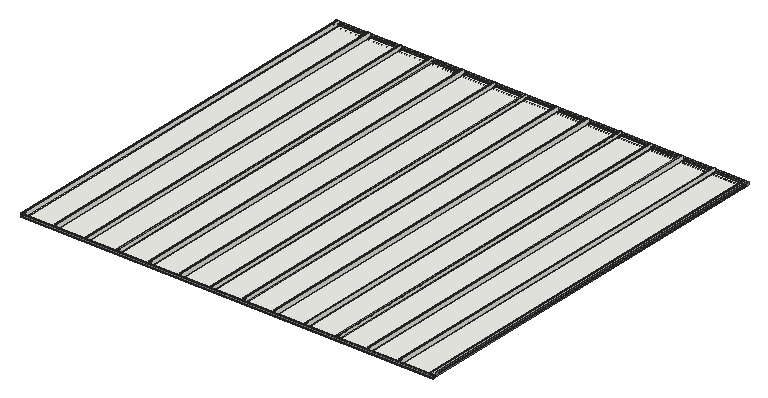
Revit family "FalsoTecho_THU_Lama-Venezia autoportante", category Modelos genéricos, Revit 2016
Family settings
  Tipo de pieza = Normal
  Puede alojar armadura = No
  Cota de conector redondo = Diámetro de uso
  Número OmniClass = 23.35.70.24.11.17.14.11
  Título OmniClass = Metal Linear Ceilings
  Se basa en plano de trabajo = Sí
  Siempre vertical = No
  Corte con vacíos al cargar = Sí
  Compartido = No
  Punto de cálculo de habitación = No
Parameters (values of type "Acero_Liso_200x28mm")
  Tirantes_Separación real [instance] = (Rastrel_Longitud - (Tirante inicial_Distancia a extremo * 2)) / (Tirantes_Recuento - 1)  # 704.233 mm
  Tirantes_Recuento [instance] = (Rastrel_Longitud - (Tirante inicial_Distancia a extremo * 2)) / Tirantes_Separación aproximada + 2  # 4
  Tirantes_Separación aproximada [instance] = 1000 mm  # constant formula
  Tirante_Longitud [instance] = THU_Falso techo_Plenum altura  # 250 mm
  Tirante inicial_Distancia a extremo [instance] = if(Rastrel_Longitud < 1500 mm, 25 mm, 250 mm)  # 250 mm
  THU_Velo = yes
  THU_Subestructura_Material [instance] = "Acero galvanizado"
  THU_Subestructura_Color = THU_Acero galvanizado
  THU_Reacción al fuego = "A2-s1, d0"
  THU_Rastrel [instance] = if(Perfil T24, T24, if(Perfil T35, T35, if(Perfil DP100, DP100, T24)))  # Perfil_THU_T24 : Perfil T24-Primario
  THU_Lama_Material = "Acero"
  THU_Lama_Color [instance] = THU_Blanco-RAL9010
  THU_Lama = Lama_THU_Venezia : Acero_Liso_200x28mm
  THU_Falso techo_Área [instance] = THU_Falso techo_Longitud * THU_Falso techo_Anchura  # 6.25 m²
  THU_Falso techo_Plenum altura [instance] = 250 mm
  THU_Falso techo_Longitud [instance] = 2500 mm
  THU_Falso techo_Anchura [instance] = 2500 mm
  THU_Falso techo_Altura libre [instance] = 2500 mm
  THU_Acabado = Acabado_THU_Lama-Venezia : Liso
  T35 [instance] = Perfil_THU_T35 : Perfil T35-Primario
  T24 [instance] = Perfil_THU_T24 : Perfil T24-Primario
  Solape vertical_Lama y rastrel = 28 mm  # constant formula
  Rastreles_Separación [instance] = (THU_Falso techo_Longitud) / Rastreles_Recuento  # 1250 mm
  Rastreles_Recuento (ml) [instance] = Rastrel_Longitud * Rastreles_Recuento  # 5225.4 mm
  Rastreles_Recuento [instance] = if(THU_Falso techo_Longitud / 2500 mm < 2, 2, (THU_Falso techo_Longitud) / 2050 mm)  # 2
  Rastrel_Simple [instance] = if(THU_Falso techo_Longitud < 2501 mm, 1 > 2, if(THU_Falso techo_Longitud / 2500 mm < 2, 1 < 2, 1 > 2))  # no
  Rastrel_Multiple [instance] = if(THU_Falso techo_Longitud < 2501 mm, 1 > 2, not(Rastrel_Simple))  # no
  Rastrel_Longitud [instance] = (Lamas_Recuento * Lama_Anchura) + (Lamas_Separación * (Lamas_Recuento - 1)) + 12.7 mm  # 2612.7 mm
  Rastrel_Desfase inicial [instance] = Rastreles_Separación / 2  # 625 mm
  Rastrel_Anchura = 30 mm  # constant formula
  Rastrel_Altura = 36 mm  # constant formula
  RC [instance] = not(A_L24x24)  # yes
  Página web del producto = "http://thu.es/producto/lama-venezia/"
  Página web del fabricante = "http://thu.es/"
  Perfiles perimetrales_Desfase altura = 1 mm  # constant formula
  Perfil perimetral_RC [instance] = Perfiles perimetrales_THU : RC
  Perfil perimetral_L24x24 [instance] = Perfiles perimetrales_THU : (A)_L24x24
  Perfil perimetral_Anchura [instance] = if(A_L24x24, 24 mm, if(RC, 28 mm, 24 mm))  # 28 mm
  Perfil perimetral trans_Longitud [instance] = Rastrel_Longitud + (Perfiles perimetrales_Distancia a bandeja * 2)  # 2632.7 mm
  Perfil perimetral long_Longitud [instance] = Lama_Longitud - Perfil perimetral_Anchura  # 2472 mm
  Perfil perimetral 04 [instance] = yes
  Perfil perimetral 03 [instance] = yes
  Perfil perimetral 02 [instance] = yes
  Perfiles perimetrales_Distancia a bandeja [instance] = if(A_L24x24, 2 mm, 10 mm)  # 10 mm
  Perfil perimetral 01 [instance] = yes
  Perfil perimetral [instance] = if(A_L24x24, Perfil perimetral_L24x24, if(RC, Perfil perimetral_RC, Perfil perimetral_L24x24))  # Perfiles perimetrales_THU : RC
  Perfil T35 [instance] = no
  Perfil T24 [instance] = yes
  Perfil DP100 [instance] = no
  País de fabricación = "España"
  País de diseño = "España"
  Omniclass = "23.35.70.24.11.17.14.11"
  Número de edición (versión) = 1
  Nombre del objeto = "Lama Venezia autoportante"
  NBS Reference Description = "Board suspended ceiling system"
  NBS Reference = "20-10-10/110"
  Marca = "THU"
  Manual de montaje = "http://thu.es/wp-content/uploads/manuals/MM-Techos-Lamas-Venezia.pdf"
  Lamas_Recuento (ml) [instance] = Lama_Longitud * Lamas_Recuento  # 32500 mm
  Lamas_Recuento [instance] = THU_Falso techo_Anchura / (Lama_Anchura + Lamas_Separación)  # 13
  Lamas_Separación [instance] = 0 mm  # constant formula
  Lama_Longitud [instance] = THU_Falso techo_Longitud  # 2500 mm
  Lama_Anchura = 200 mm
  Lama_Altura = 28 mm  # constant formula
  IFC Classification = "Ceiling"
  Grupo del producto = "Lamas"
  Ficha técnica = "http://thu.es/wp-content/uploads/datasheets/ft-lamas-venezia-thu.pdf"
  Ficha resumen = "http://thu.es/wp-content/uploads/datasheets/THU_Techos_metalicos_Lama_Venezia.pdf"
  Fecha de publicación del objeto BIM = ""
  Famila del producto = "Techos metálicos"
  Falso techo_Grosor = Lama_Altura + Rastrel_Altura  # 64 mm
  Fabricante = "THU Perfil S.L."
  Default Elevation = 0 mm
  Descripción = "Falso techo metálico formado por lamas de aluminio prelacado de ancho 200 ó 300 mm, insertadas en pestañas de rastreles de paso de troquelado 200 (Venezia 200) ó 100 (Venezia 300) y colgadas del forjado superior mediante un sistema de varillas roscadas. La fijación de las lamas al rastrel se realiza mediante pestañas que se abren y cierran manualmente. De forma complementaria se utilizan clips de plástico para la fijación de las lamas entre si. La gama de acabados queda reducida a lamas prelacadas lisas; pudiendo estar perforada la lama tipo Venezia 300. El patrón del perforado de esta lama es el de 2,5 en U, de manera que la lama queda perforada aproximadamente en un 12,75%, dejando en su superficie vista márgenes de 10 mm sin perforar."
  Declaración de prestaciones = "http://thu.es/wp-content/uploads/declarations/dp_lamas_venezia.pdf"
  DP100 [instance] = Perfil_THU_DP(100) : Perfil DP100-Primario
  Comentarios de tipo = "Lamas Venezia para techo suspendido, para ser montadas en interior de edificios con con rastreles Venezia."
  COBie Type Category = "L387 : Suspended ceilings"
  A_L24x24 [instance] = no
Types (6, lengths in mm): name | Tirantes_Separación real | THU_Velo | THU_Subestructura_Material | THU_Lama_Material | THU_Lama | THU_Acabado | Rastreles_Recuento (ml) | Rastrel_Longitud | RC | Perfil perimetral_Anchura | Perfil perimetral trans_Longitud | Perfil perimetral long_Longitud | Perfiles perimetrales_Distancia a bandeja | Perfil perimetral | Lamas_Recuento (ml) | Lamas_Recuento | Lama_Anchura | A_L24x24
  Acero_Liso_200x28mm | 704.233 | yes | "Acero galvanizado" | "Acero" | Lama_THU_Venezia : Acero_Liso_200x28mm | Acabado_THU_Lama-Venezia : Liso | 5225.4 | 2612.7 | yes | 28 | 2632.7 | 2472 | 10 | Perfiles perimetrales_THU : RC | 32500 | 13 | 200 | no
  Acero_Liso_300x28mm | 637.567 | no | "Acero galvanizado" | "Acero" | Lama_THU_Venezia : Acero_Liso_300x28mm | Acabado_THU_Lama-Venezia : Liso | 4825.4 | 2412.7 | no | 24 | 2416.7 | 2476 | 2 | Perfiles perimetrales_THU : (A)_L24x24 | 20000 | 8 | 300 | yes
  Acero_Perforado-c/Velo_300x28mm | 637.567 | yes | "Acero galvanizado" | "Acero" | Lama_THU_Venezia : Acero_Perforado-c/Velo_300x28mm | Acabado_THU_Lama-Venezia : Perforado_Ø2.5mm (U) | 4825.4 | 2412.7 | no | 24 | 2416.7 | 2476 | 2 | Perfiles perimetrales_THU : (A)_L24x24 | 20000 | 8 | 300 | yes
  Acero_Perforado-s/Velo_300x28mm | 637.567 | no | "Aceo galvanizado" | "Acero" | Lama_THU_Venezia : Acero_Perforado-s/Velo_300x28mm | Acabado_THU_Lama-Venezia : Perforado_Ø2.5mm (U) | 4825.4 | 2412.7 | no | 24 | 2416.7 | 2476 | 2 | Perfiles perimetrales_THU : (A)_L24x24 | 20000 | 8 | 300 | yes
  Aluminio_Liso_200x28mm | 704.233 | no | "Aceo galvanizado" | "Aluminio" | Lama_THU_Venezia : Aluminio_Liso_200x28 | Acabado_THU_Lama-Venezia : Liso | 5225.4 | 2612.7 | no | 24 | 2616.7 | 2476 | 2 | Perfiles perimetrales_THU : (A)_L24x24 | 32500 | 13 | 200 | yes
  Aluminio_Liso_300x28mm | 637.567 | no | "Aceo galvanizado" | "Aluminio" | Lama_THU_Venezia : Aluminio_Liso_300x28 | Acabado_THU_Lama-Venezia : Liso | 4825.4 | 2412.7 | no | 24 | 2416.7 | 2476 | 2 | Perfiles perimetrales_THU : (A)_L24x24 | 20000 | 8 | 300 | yes
Reference planes
  plane 1 "Centro (Frontal/Posterior)": y = 0
  plane 2: z = 0
  plane 3 "Centro (Izquierda/Derecha)": x = 0
  plane 4 "Lamas_Límite inferior": z = 2500
  plane 5 "Rastreles_Límite inferior": z = 2500
  plane 6 "Rastreles_Límite superior": z = 2536
  plane 7 "Lamas_Límite superior": z = 2528
  plane 8 "Falso techo_Límite derecho": x = 2500
  plane 9 "Falso techo_Límite superior": y = 2500
  plane 10 "Tirantes_Límite superior": z = 2786
  plane 11: y = -625
  plane 12 "Perfiles perimetrales_Límite inferior": z = 2499
Dimensions and locks
  "Rastrel_Altura": plane 6 "Rastreles_Límite superior" to plane 5 "Rastreles_Límite inferior"
  "THU_Falso techo_Altura libre": level to plane 4 "Lamas_Límite inferior"
  "Lama_Altura": plane 7 "Lamas_Límite superior" to plane 4 "Lamas_Límite inferior"
  "Solape vertical_Lama y rastrel": plane 7 "Lamas_Límite superior" to plane 5 "Rastreles_Límite inferior"
  "THU_Falso techo_Longitud": plane 1 "Centro (Frontal/Posterior)" to plane 9 "Falso techo_Límite superior"
  "THU_Falso techo_Anchura": plane 3 "Centro (Izquierda/Derecha)" to plane 8 "Falso techo_Límite derecho"
  "THU_Falso techo_Plenum altura": plane 10 "Tirantes_Límite superior" to plane 6 "Rastreles_Límite superior"
  equal spacing: group 1, group 2, group 3, group 4, group 5, group 6, group 7, group 8, group 11, group 12, group 13, group 14, group 15  (x3)
  "Lamas_Separación": nested 2 to nested 1
  "Perfiles perimetrales_Distancia a bandeja": nested 9 to plane 3 "Centro (Izquierda/Derecha)"
  "Perfiles perimetrales_Distancia a bandeja": nested 9 to plane 1 "Centro (Frontal/Posterior)"
  "Perfiles perimetrales_Distancia a bandeja": nested 11 to plane 3 "Centro (Izquierda/Derecha)"
  "Perfiles perimetrales_Distancia a bandeja": plane 9 "Falso techo_Límite superior" to nested 11
  "Perfiles perimetrales_Distancia a bandeja": nested 12 to plane 3 "Centro (Izquierda/Derecha)"
  "Rastreles_Separación": plane 11 to nested 13
  "Rastrel_Desfase inicial": plane 11 to plane 1 "Centro (Frontal/Posterior)"
  group 9 to group 10 = 0 mm  (x2)
  group 9 to group 10 = 1250 mm
  "Rastreles_Separación": nested 13 to nested 14
  "Rastreles_Separación": nested 15 to plane 1 "Centro (Frontal/Posterior)"
  "Perfiles perimetrales_Desfase altura": plane 4 "Lamas_Límite inferior" to plane 12 "Perfiles perimetrales_Límite inferior"
  aligned and locked: level to plane 2
  aligned and locked: plane 7 "Lamas_Límite superior" to nested 1
  aligned and locked: plane 7 "Lamas_Límite superior" to nested 2
  aligned and locked: nested 9 to nested 12
  aligned and locked: nested 10 to nested 9
  aligned and locked: nested 9 to nested 10
  aligned and locked: plane 5 "Rastreles_Límite inferior" to nested 13
  aligned and locked: plane 5 "Rastreles_Límite inferior" to nested 14
Nested families
  nested 1: "Lama_THU_Venezia" at (12.695, 0, 2528), Lama_Longitud <- "Lama_Longitud", THU_Color <- "THU_Lama_Color", Lama_Altura <- "Lama_Altura", Lama_Anchura <- "Lama_Anchura", type <- "THU_Lama", type "Acero_Liso_200x28mm"
    with THU_Recuento (ml) 2500 mm, THU_Material "Acero", THU_Color THU_Blanco-RAL9010, Lama_Longitud 2500 mm, Lama_Anchura 200 mm, Lama_Altura 28 mm
  nested 2: "Lama_THU_Venezia" at (212.695, 0, 2528), Lama_Longitud <- "Lama_Longitud", THU_Color <- "THU_Lama_Color", Lama_Altura <- "Lama_Altura", Lama_Anchura <- "Lama_Anchura", type <- "THU_Lama", type "Acero_Liso_200x28mm"
    with THU_Recuento (ml) 2500 mm, THU_Material "Acero", THU_Color THU_Blanco-RAL9010, Lama_Longitud 2500 mm, Lama_Anchura 200 mm, Lama_Altura 28 mm
  nested 3: "Lama_THU_Venezia" at (412.695, 0, 2528), Lama_Longitud <- "Lama_Longitud", THU_Color <- "THU_Lama_Color", Lama_Altura <- "Lama_Altura", Lama_Anchura <- "Lama_Anchura", type <- "THU_Lama", type "Acero_Liso_200x28mm"
    with THU_Recuento (ml) 2500 mm, THU_Material "Acero", THU_Color THU_Blanco-RAL9010, Lama_Longitud 2500 mm, Lama_Anchura 200 mm, Lama_Altura 28 mm
  nested 4: "Lama_THU_Venezia" at (612.695, 0, 2528), Lama_Longitud <- "Lama_Longitud", THU_Color <- "THU_Lama_Color", Lama_Altura <- "Lama_Altura", Lama_Anchura <- "Lama_Anchura", type <- "THU_Lama", type "Acero_Liso_200x28mm"
    with THU_Recuento (ml) 2500 mm, THU_Material "Acero", THU_Color THU_Blanco-RAL9010, Lama_Longitud 2500 mm, Lama_Anchura 200 mm, Lama_Altura 28 mm
  nested 5: "Lama_THU_Venezia" at (812.695, 0, 2528), Lama_Longitud <- "Lama_Longitud", THU_Color <- "THU_Lama_Color", Lama_Altura <- "Lama_Altura", Lama_Anchura <- "Lama_Anchura", type <- "THU_Lama", type "Acero_Liso_200x28mm"
    with THU_Recuento (ml) 2500 mm, THU_Material "Acero", THU_Color THU_Blanco-RAL9010, Lama_Longitud 2500 mm, Lama_Anchura 200 mm, Lama_Altura 28 mm
  nested 6: "Lama_THU_Venezia" at (1012.695, 0, 2528), Lama_Longitud <- "Lama_Longitud", THU_Color <- "THU_Lama_Color", Lama_Altura <- "Lama_Altura", Lama_Anchura <- "Lama_Anchura", type <- "THU_Lama", type "Acero_Liso_200x28mm"
    with THU_Recuento (ml) 2500 mm, THU_Material "Acero", THU_Color THU_Blanco-RAL9010, Lama_Longitud 2500 mm, Lama_Anchura 200 mm, Lama_Altura 28 mm
  nested 7: "Lama_THU_Venezia" at (1212.695, 0, 2528), Lama_Longitud <- "Lama_Longitud", THU_Color <- "THU_Lama_Color", Lama_Altura <- "Lama_Altura", Lama_Anchura <- "Lama_Anchura", type <- "THU_Lama", type "Acero_Liso_200x28mm"
    with THU_Recuento (ml) 2500 mm, THU_Material "Acero", THU_Color THU_Blanco-RAL9010, Lama_Longitud 2500 mm, Lama_Anchura 200 mm, Lama_Altura 28 mm
  nested 8: "Lama_THU_Venezia" at (1412.695, 0, 2528), Lama_Longitud <- "Lama_Longitud", THU_Color <- "THU_Lama_Color", Lama_Altura <- "Lama_Altura", Lama_Anchura <- "Lama_Anchura", type <- "THU_Lama", type "Acero_Liso_200x28mm"
    with THU_Recuento (ml) 2500 mm, THU_Material "Acero", THU_Color THU_Blanco-RAL9010, Lama_Longitud 2500 mm, Lama_Anchura 200 mm, Lama_Altura 28 mm
  nested 9: "Perfiles perimetrales_THU" at (-10, -10, 2499) x (0, 1, 0) z (0, 0, 1), visible <- "Perfil perimetral 01", THU_Color <- "THU_Subestructura_Color", THU_Material <- "THU_Subestructura_Material", Perfil_Longitud <- "Perfil perimetral trans_Longitud", Perfil_Anchura <- "Perfil perimetral_Anchura", type <- "Perfil perimetral", type "RC"
    with THU_Recuento (ml) 2632.7 mm, THU_Material "Acero galvanizado", THU_Color THU_Acero galvanizado, Perfil_Longitud 2632.7 mm, Perfil_Anchura 28 mm
  nested 10: "Perfiles perimetrales_THU" at (2622.7, 18, 2499) x (-1, 0, 0) z (0, 0, 1), visible <- "Perfil perimetral 02", THU_Color <- "THU_Subestructura_Color", THU_Material <- "THU_Subestructura_Material", Perfil_Longitud <- "Perfil perimetral long_Longitud", Perfil_Anchura <- "Perfil perimetral_Anchura", type <- "Perfil perimetral", type "RC"
    with THU_Recuento (ml) 2472 mm, THU_Material "Acero galvanizado", THU_Color THU_Acero galvanizado, Perfil_Longitud 2472 mm, Perfil_Anchura 28 mm
  nested 11: "Perfiles perimetrales_THU" at (-10, 2510, 2499) x (0, -1, 0) z (0, 0, 1), visible <- "Perfil perimetral 03", THU_Color <- "THU_Subestructura_Color", THU_Material <- "THU_Subestructura_Material", Perfil_Longitud <- "Perfil perimetral trans_Longitud", Perfil_Anchura <- "Perfil perimetral_Anchura", type <- "Perfil perimetral", type "RC"
    with THU_Recuento (ml) 2632.7 mm, THU_Material "Acero galvanizado", THU_Color THU_Acero galvanizado, Perfil_Longitud 2632.7 mm, Perfil_Anchura 28 mm
  nested 12: "Perfiles perimetrales_THU" at (-10, 18, 2499), visible <- "Perfil perimetral 04", THU_Color <- "THU_Subestructura_Color", THU_Material <- "THU_Subestructura_Material", Perfil_Longitud <- "Perfil perimetral long_Longitud", Perfil_Anchura <- "Perfil perimetral_Anchura", type <- "Perfil perimetral", type "RC"
    with THU_Recuento (ml) 2472 mm, THU_Material "Acero galvanizado", THU_Color THU_Acero galvanizado, Perfil_Longitud 2472 mm, Perfil_Anchura 28 mm
  nested 13: "Perfil_THU_T24" at (0, 625, 2499) x (0, -1, 0) z (0, 0, 1), type <- "THU_Rastrel", THU_Material <- "THU_Subestructura_Material", THU_Color <- "THU_Subestructura_Color", Tirantes_Recuento <- "Tirantes_Recuento", Tirante_Longitud <- "Tirante_Longitud", Tirante inicial_Distancia a extremo <- "Tirante inicial_Distancia a extremo", Perfil_Longitud <- "Rastrel_Longitud", visible <- "Rastrel_Multiple", type "Perfil T24-Primario"
    with Tirantes_Recuento 4, Tirante_Longitud 250 mm, Tirante inicial_Distancia a extremo 250 mm, THU_Recuento (ml) 2612.7 mm, THU_Material "Acero galvanizado", THU_Color THU_Acero galvanizado, Perfil_Longitud 2612.7 mm, Perfil_Grosor superior 5 mm, Perfil_Grosor base 1 mm, Perfil_Altura alma 27 mm, Perfil_Altura 33 mm
  nested 14: "Perfil_THU_T24" at (0, 1875, 2499) x (0, -1, 0) z (0, 0, 1), type <- "THU_Rastrel", THU_Material <- "THU_Subestructura_Material", THU_Color <- "THU_Subestructura_Color", Tirantes_Recuento <- "Tirantes_Recuento", Tirante_Longitud <- "Tirante_Longitud", Tirante inicial_Distancia a extremo <- "Tirante inicial_Distancia a extremo", Perfil_Longitud <- "Rastrel_Longitud", visible <- "Rastrel_Multiple", type "Perfil T24-Primario"
    with Tirantes_Recuento 4, Tirante_Longitud 250 mm, Tirante inicial_Distancia a extremo 250 mm, THU_Recuento (ml) 2612.7 mm, THU_Material "Acero galvanizado", THU_Color THU_Acero galvanizado, Perfil_Longitud 2612.7 mm, Perfil_Grosor superior 5 mm, Perfil_Grosor base 1 mm, Perfil_Altura alma 27 mm, Perfil_Altura 33 mm
  nested 15: "Perfil_THU_T24" at (0, 1250, 2499) x (0, -1, 0) z (0, 0, 1), Tirante inicial_Distancia a extremo <- "Tirante inicial_Distancia a extremo", Tirante_Longitud <- "Tirante_Longitud", Tirantes_Recuento <- "Tirantes_Recuento", visible <- "Rastrel_Simple", THU_Color <- "THU_Subestructura_Color", THU_Material <- "THU_Subestructura_Material", Perfil_Longitud <- "Rastrel_Longitud", type <- "THU_Rastrel", type "Perfil T24-Primario"
    with Tirantes_Recuento 4, Tirante_Longitud 250 mm, Tirante inicial_Distancia a extremo 250 mm, THU_Recuento (ml) 2612.7 mm, THU_Material "Acero galvanizado", THU_Color THU_Acero galvanizado, Perfil_Longitud 2612.7 mm, Perfil_Grosor superior 5 mm, Perfil_Grosor base 1 mm, Perfil_Altura alma 27 mm, Perfil_Altura 33 mm
  nested 16: "Lama_THU_Venezia" at (1612.695, 0, 2528), Lama_Longitud <- "Lama_Longitud", THU_Color <- "THU_Lama_Color", Lama_Altura <- "Lama_Altura", Lama_Anchura <- "Lama_Anchura", type <- "THU_Lama", type "Acero_Liso_200x28mm"
    with THU_Recuento (ml) 2500 mm, THU_Material "Acero", THU_Color THU_Blanco-RAL9010, Lama_Longitud 2500 mm, Lama_Anchura 200 mm, Lama_Altura 28 mm
  nested 17: "Lama_THU_Venezia" at (1812.695, 0, 2528), Lama_Longitud <- "Lama_Longitud", THU_Color <- "THU_Lama_Color", Lama_Altura <- "Lama_Altura", Lama_Anchura <- "Lama_Anchura", type <- "THU_Lama", type "Acero_Liso_200x28mm"
    with THU_Recuento (ml) 2500 mm, THU_Material "Acero", THU_Color THU_Blanco-RAL9010, Lama_Longitud 2500 mm, Lama_Anchura 200 mm, Lama_Altura 28 mm
  nested 18: "Lama_THU_Venezia" at (2012.695, 0, 2528), Lama_Longitud <- "Lama_Longitud", THU_Color <- "THU_Lama_Color", Lama_Altura <- "Lama_Altura", Lama_Anchura <- "Lama_Anchura", type <- "THU_Lama", type "Acero_Liso_200x28mm"
    with THU_Recuento (ml) 2500 mm, THU_Material "Acero", THU_Color THU_Blanco-RAL9010, Lama_Longitud 2500 mm, Lama_Anchura 200 mm, Lama_Altura 28 mm
  nested 19: "Lama_THU_Venezia" at (2212.695, 0, 2528), Lama_Longitud <- "Lama_Longitud", THU_Color <- "THU_Lama_Color", Lama_Altura <- "Lama_Altura", Lama_Anchura <- "Lama_Anchura", type <- "THU_Lama", type "Acero_Liso_200x28mm"
    with THU_Recuento (ml) 2500 mm, THU_Material "Acero", THU_Color THU_Blanco-RAL9010, Lama_Longitud 2500 mm, Lama_Anchura 200 mm, Lama_Altura 28 mm
  nested 20: "Lama_THU_Venezia" at (2412.695, 0, 2528), Lama_Longitud <- "Lama_Longitud", THU_Color <- "THU_Lama_Color", Lama_Altura <- "Lama_Altura", Lama_Anchura <- "Lama_Anchura", type <- "THU_Lama", type "Acero_Liso_200x28mm"
    with THU_Recuento (ml) 2500 mm, THU_Material "Acero", THU_Color THU_Blanco-RAL9010, Lama_Longitud 2500 mm, Lama_Anchura 200 mm, Lama_Altura 28 mm
Definition of nested family "Lama_THU_Venezia"
  Parameters (values of type "Acero_Liso_200x28mm")
    THU_Recuento (ml) [instance] = Lama_Longitud  # 1000 mm
    THU_Mediciones = 1 < 2  # yes
    THU_Material [instance] = "Acero"
    THU_Color [instance] = none
    Nombre del objeto = "Lama Venezia Lisa 200"
    Lama_Longitud [instance] = 1000 mm
    Lama_Anchura [instance] = 200 mm
    Lama_Altura [instance] = 28 mm
    Default Elevation = 0 mm
  Types (6, lengths in mm): name | Nombre del objeto | Lama_Anchura
    Acero_Liso_300x28mm | "Lama Venezia Lisa 300" | 300
    Acero_Perforado-c/Velo_300x28mm | "Lama Venezia Perforada 300" | 300
    Acero_Perforado-s/Velo_300x28mm | "Lama Venezia Perforada 300" | 300
    Acero_Liso_200x28mm | "Lama Venezia Lisa 200" | 200
    Aluminio_Liso_200x28 | "Lama Venezia Lisa 200" | 200
    Aluminio_Liso_300x28 | "Lama Venezia Lisa 300" | 300
  Reference planes
    plane 1 "Centro (Frontal/Posterior)": y = 0
    plane 2: z = 0
    plane 3 "Centro (Izquierda/Derecha)": x = 0
    plane 4 "Lama_Borde izquierdo": x = 0
    plane 5 "Lama_Borde derecho": x = 200
    plane 6: y = 1000
  Forms (mm)
    Extrusion 1, solid, material <- "THU_Color"
      sketch origin (180.919, 0, -13.159) x (-1, 0, 0) y (0, 0, -1)
        loop
          arc (179.919, -12.159) -> (180.212, -12.867) -> (180.919, -13.159) r 1
          line (180.919, -13.159) -> (192.08, -13.159)
          arc (192.08, -13.159) -> (192.723, -12.925) -> (193.065, -12.333) r 1
          line (193.065, -12.333) -> (193.614, -9.22) -> (192.629, -9.047) -> (192.224, -11.341)
          arc (192.224, -11.341) -> (191.885, -11.928) -> (191.249, -12.159) r 0.991
          line (191.249, -12.159) -> (181.909, -12.159)
          arc (181.909, -12.159) -> (181.209, -11.87) -> (180.919, -11.17) r 0.99
          line (180.919, -11.17) -> (180.919, 13.861)
          arc (180.919, 13.861) -> (180.632, 14.554) -> (179.939, 14.841) r 0.98
          line (179.939, 14.841) -> (-18.081, 14.841)
          arc (-18.081, 14.841) -> (-18.788, 14.548) -> (-19.081, 13.841) r 1
          line (-19.081, 13.841) -> (-19.081, -11.168)
          arc (-19.081, -11.168) -> (-18.788, -11.875) -> (-18.081, -12.168) r 1
          line (-18.081, -12.168) -> (-10.92, -12.168)
          arc (-10.92, -12.168) -> (-10.277, -11.934) -> (-9.935, -11.342) r 1
          line (-9.935, -11.342) -> (-9.386, -8.229) -> (-10.371, -8.055) -> (-10.777, -10.355)
          arc (-10.777, -10.355) -> (-11.113, -10.938) -> (-11.746, -11.168) r 0.984
          line (-11.746, -11.168) -> (-17.424, -11.168)
          arc (-17.424, -11.168) -> (-17.888, -10.976) -> (-18.081, -10.511) r 0.657
          line (-18.081, -10.511) -> (-18.081, 12.874)
          arc (-18.081, 12.874) -> (-17.798, 13.557) -> (-17.114, 13.841) r 0.967
          line (-17.114, 13.841) -> (178.929, 13.841)
          arc (178.929, 13.841) -> (179.629, 13.551) -> (179.919, 12.85) r 0.99
          line (179.919, 12.85) -> (179.919, -12.159)
      from 0 to -1000
  Dimensions and locks
    "Lama_Anchura": plane 5 "Lama_Borde derecho" to plane 4 "Lama_Borde izquierdo"
    "Lama_Longitud": plane 1 "Centro (Frontal/Posterior)" to plane 6
    locked: Extrusion 1 sketch curve to Extrusion 1 sketch curve at 1  (x7)
    "Lama_Anchura": Extrusion 1 sketch curve to Extrusion 1 sketch curve
    "Lama_Altura": Extrusion 1 sketch curve to Extrusion 1 sketch curve
    aligned and locked: level to plane 2
    aligned and locked: plane 6 to Extrusion 1
    aligned and locked: plane 1 "Centro (Frontal/Posterior)" to Extrusion 1
  Automatic sketch dimensions
    Extrusion 1 sketch curve to plane 5 "Lama_Borde derecho" = 0 mm
    Extrusion 1 sketch curve to plane 3 "Centro (Izquierda/Derecha)" = 0 mm
    Extrusion 1 sketch curve to level = 0 mm
    Extrusion 1 sketch curve to Extrusion 1 sketch curve = 0 mm
    Extrusion 1 sketch curve to plane 5 "Lama_Borde derecho" = 1 mm
    Extrusion 1 sketch curve to Extrusion 1 sketch curve = 0.657 mm
    Extrusion 1 sketch curve to Extrusion 1 sketch curve = 0.967 mm
    Extrusion 1 sketch curve to Extrusion 1 sketch curve = 5.678 mm
    Extrusion 1 sketch curve to Extrusion 1 sketch curve = 0.826 mm
    Extrusion 1 sketch curve to level = 2.805 mm
    Extrusion 1 sketch curve to Extrusion 1 sketch curve = 0.143 mm
    Extrusion 1 sketch curve to Extrusion 1 sketch curve = 0.405 mm  (x2)
    Extrusion 1 sketch curve to level = 1.818 mm
    Extrusion 1 sketch curve to Extrusion 1 sketch curve = 0.985 mm
    Extrusion 1 sketch curve to Extrusion 1 sketch curve = 0.99 mm
    plane 3 "Centro (Izquierda/Derecha)" to Extrusion 1 sketch curve = 0.98 mm
    Extrusion 1 sketch curve to plane 3 "Centro (Izquierda/Derecha)" = 0.99 mm
    Extrusion 1 sketch curve to Extrusion 1 sketch curve = 9.34 mm
    Extrusion 1 sketch curve to Extrusion 1 sketch curve = 0.831 mm
    Extrusion 1 sketch curve to level = 1.819 mm
    Extrusion 1 sketch curve to Extrusion 1 sketch curve = 0.144 mm
    Extrusion 1 sketch curve to level = 4.113 mm
    Extrusion 1 sketch curve to level = 0.826 mm
    Extrusion 1 sketch curve to level = 0.991 mm
Definition of nested family "Perfiles perimetrales_THU"
  Parameters (values of type "U20")
    U = yes
    THU_Recuento (ml) [instance] = Perfil_Longitud  # 1000 mm
    THU_Mediciones = 1 < 2  # yes
    THU_Material [instance] = "Acero galvanizado"
    THU_Color [instance] = none
    RC = no
    Perfil_Longitud [instance] = 1000 mm
    Perfil_Grosor = 1 mm
    Perfil_Anchura [instance] = 15 mm
    Perfil_Altura = 20 mm
    Nombre del objeto = "Perfil U20"
    (A)_(F) = no
    Default Elevation = 0 mm
    (D)_Perfil cornisa = no
  Types (7, lengths in mm): name | U | THU_Material | RC | Perfil_Anchura | Perfil_Altura | Nombre del objeto | (A)_(F) | (D)_Perfil cornisa
    (A)_L24x24 | no | "Acero galvanizado" | no | 24 | 24 | "(A)_L24x24" | yes | no
    (D)_Perfil cornisa | no | "Acero galvanizado" | no | 18 | 37 | "(D)_Perfil cornisa" | no | yes
    (F)_Angular PVC | no | "PVC" | no | 28 | 22 | "(F)_Angular PVC" | yes | no
    (A)_L15x33 | no | "Acero galvanizado" | no | 15 | 33 | "(A)_L24x24" | yes | no
    U40 | yes | "Acero galvanizado" | no | 15 | 42 | "Perfil U40" | no | no
    RC | no | "Acero galvanizado" | yes | 28 | 20 | "Perfil RC" | no | no
    U20 | yes | "Acero galvanizado" | no | 15 | 20 | "Perfil U20" | no | no
  Reference planes
    plane 1 "Centro (Frontal/Posterior)": y = 0
    plane 2: z = 0
    plane 3 "Centro (Izquierda/Derecha)": x = 0
    plane 4 "Perfil_Cara superior": z = 20
    plane 5: x = 15
    plane 6: y = -1000
  Forms (mm)
    Extrusion 1, solid, material <- "THU_Color", visible <- "(A)_(F)", detail levels medium+fine
      sketch origin (0, 0, 0) x (1, 0, 0) y (0, 0, 1)
        loop
          line (0, 20) -> (0, 0) -> (15, 0) -> (15, 1) -> (1, 1) -> (1, 20) -> (0, 20)
      from 0 to 1000
    Extrusion 2, solid, material <- "THU_Color", visible <- "(D)_Perfil cornisa", detail levels medium+fine
      sketch origin (0, 0, 0) x (1, 0, 0) y (0, 0, 1)
        loop
          line (1, 20) -> (0, 20) -> (0, 1) -> (-13, 1) -> (-13, 22) -> (-14, 22) -> (-14, 0) -> (15, 0) -> (15, 1) -> (1, 1) -> (1, 20)
      from 0 to 1000
    Extrusion 3, solid, material <- "THU_Color", visible <- "U", detail levels medium+fine
      sketch origin (0, 0, 0) x (1, 0, 0) y (0, 0, 1)
        loop
          line (0, 0) -> (15, 0) -> (15, 1) -> (1, 1) -> (1, 19) -> (15, 19) -> (15, 20) -> (0, 20) -> (0, 0)
      from 0 to 1000
    Extrusion 4, solid, material <- "THU_Color", visible <- "RC"
      sketch origin (0, 0, 0) x (1, 0, 0) y (0, 0, 1)
        loop
          line (15, 0) -> (15, 1) -> (1.398, 1) -> (1.398, 1.948) -> (7.436, 4.764)
          arc (7.436, 4.764) -> (8.592, 7.941) -> (5.415, 9.097) r 2.391
          line (5.415, 9.097) -> (1, 7.038) -> (1, 19) -> (6.5, 19) -> (6.5, 17.2) -> (7.5, 17.2) -> (7.5, 20) -> (0, 20) -> (0, 5.469) -> (5.838, 8.191)
          arc (5.838, 8.191) -> (7.686, 7.518) -> (7.013, 5.67) r 1.391
          line (7.013, 5.67) -> (0, 2.4) -> (0, 0) -> (15, 0)
      from 0 to 1000
  Dimensions and locks
    "Perfil_Altura": plane 4 "Perfil_Cara superior" to level
    "Perfil_Anchura": plane 5 to plane 3 "Centro (Izquierda/Derecha)"
    locked: Extrusion 2 sketch curve to Extrusion 2 sketch curve at 1  (x3)
    locked: Extrusion 2 sketch curve to Extrusion 1 at 13
    locked: Extrusion 2 sketch curve to level at 22
    "Perfil_Longitud": plane 6 to plane 1 "Centro (Frontal/Posterior)"
    locked: Extrusion 3 sketch curve to Extrusion 3 sketch curve at 1  (x3)
    locked: Extrusion 4 sketch curve to Extrusion 4 sketch curve at 1  (x6)
    locked: Extrusion 4 sketch curve to Extrusion 4 sketch curve at 1.398
    aligned and locked: level to plane 2
    aligned and locked: plane 5 to Extrusion 1 sketch curve
    aligned and locked: Extrusion 1 sketch curve to plane 4 "Perfil_Cara superior"
    aligned and locked: plane 4 "Perfil_Cara superior" to Extrusion 2 sketch curve
    aligned and locked: plane 5 to Extrusion 2 sketch curve
    aligned and locked: plane 3 "Centro (Izquierda/Derecha)" to Extrusion 2 sketch curve
    aligned and locked: Extrusion 1 sketch curve to plane 3 "Centro (Izquierda/Derecha)"
    aligned and locked: plane 6 to Extrusion 2
    aligned and locked: plane 6 to Extrusion 1
    aligned and locked: Extrusion 3 sketch curve to plane 5
    aligned and locked: plane 5 to Extrusion 3 sketch curve
    aligned and locked: Extrusion 3 sketch curve to plane 4 "Perfil_Cara superior"
    aligned and locked: Extrusion 3 sketch curve to plane 2
    aligned and locked: plane 3 "Centro (Izquierda/Derecha)" to Extrusion 3 sketch curve
    aligned and locked: Extrusion 3 to plane 1 "Centro (Frontal/Posterior)"
    aligned and locked: Extrusion 3 to plane 6
    aligned and locked: Extrusion 4 sketch curve to plane 4 "Perfil_Cara superior"
    aligned and locked: plane 3 "Centro (Izquierda/Derecha)" to Extrusion 4 sketch curve  (x2)
    aligned and locked: level to Extrusion 4 sketch curve
    aligned and locked: plane 5 to Extrusion 4 sketch curve
    aligned and locked: Extrusion 4 to plane 6
  Automatic sketch dimensions
    Extrusion 1 sketch curve to level = 0 mm
    plane 3 "Centro (Izquierda/Derecha)" to Extrusion 1 sketch curve = 1 mm
    level to Extrusion 1 sketch curve = 1 mm
    Extrusion 2 sketch curve to level = 0 mm
    Extrusion 2 sketch curve to Extrusion 2 sketch curve = 0 mm
    Extrusion 4 sketch curve to Extrusion 4 sketch curve = 0 mm
    Extrusion 4 sketch curve to Extrusion 4 sketch curve = 4.415 mm
    Extrusion 4 sketch curve to Extrusion 4 sketch curve = 0.423 mm  (x2)
    Extrusion 4 sketch curve to Extrusion 4 sketch curve = 0.588 mm  (x2)
    Extrusion 4 sketch curve to Extrusion 4 sketch curve = 5.5 mm
    Extrusion 4 sketch curve to Extrusion 4 sketch curve = 0.948 mm
    Extrusion 4 sketch curve to Extrusion 4 sketch curve = 0.452 mm
    Extrusion 4 sketch curve to Extrusion 4 sketch curve = 3.069 mm
    Extrusion 4 sketch curve to Extrusion 4 sketch curve = 1.26 mm
    Extrusion 4 sketch curve to Extrusion 4 sketch curve = 1.8 mm
Definition of nested family "Perfil_THU_T24"
  Parameters (values of type "Perfil T24-Secundario")
    Tirantes_Recuento [instance] = 2
    Tirantes = no
    Tirante_Longitud [instance] = 250 mm
    Tirante inicial_Distancia a extremo [instance] = 250 mm
    THU_Recuento (ml) [instance] = Perfil_Longitud  # 1000 mm
    THU_Mediciones = 1 < 2  # yes
    THU_Material [instance] = "Acero galvanizado"
    THU_Color [instance] = none
    Perfil_Longitud [instance] = 1000 mm
    Perfil_Anchura base = 24 mm  # constant formula
    Perfil_Grosor base [instance] = 1 mm  # constant formula
    Perfil_Anchura superior = 6.5 mm  # constant formula
    Perfil_Altura [instance] = 33 mm
    Nombre del objeto = "Perfil T24"
    Default Elevation = 0 mm
    Perfil_Grosor alma = 1 mm  # constant formula
    Perfil_Grosor superior [instance] = 5 mm  # constant formula
    Perfil_Altura alma [instance] = Perfil_Altura - (Perfil_Grosor base + Perfil_Grosor superior)  # 27 mm
  Types (2, lengths in mm): name | Tirantes
    Perfil T24-Primario | yes
    Perfil T24-Secundario | no
  Reference planes
    plane 1 "Centro (Frontal/Posterior)": y = 0
    plane 2: z = 0
    plane 3 "Centro (Izquierda/Derecha)": x = 0
    plane 4 "Perfil_Cara superior": z = 33
    plane 5 "Tirante_Cara inferior": z = 26
  Forms (mm)
    Extrusion 1, solid, material <- "THU_Color", detail levels medium+fine
      sketch origin (0, 0, 47.063) x (1, 0, 0) y (0, 0, -1)
        loop
          line (3.25, 14.063) -> (3.25, 19.063) -> (0.5, 19.063) -> (0.5, 46.063) -> (12, 46.063) -> (12, 47.063) -> (-12, 47.062) -> (-12, 46.062) -> (-0.5, 46.063) -> (-0.5, 19.063) -> (-3.25, 19.063) -> (-3.25, 14.063) -> (3.25, 14.063)
      from 0 to 1000
  Lines and regions (mm)
    reference lines
      curve 1: line (-19.494, 0, 0) -> (20.506, 0, 0)
  Dimensions and locks
    "Perfil_Anchura superior": Extrusion 1 sketch curve to Extrusion 1 sketch curve
    equal spacing: Extrusion 1 sketch curve, plane 3 "Centro (Izquierda/Derecha)", Extrusion 1 sketch curve  (x3)
    "Perfil_Grosor alma": Extrusion 1 sketch curve to Extrusion 1 sketch curve
    "Perfil_Grosor superior": Extrusion 1 sketch curve to Extrusion 1 sketch curve
    "Perfil_Altura alma": Extrusion 1 sketch curve to Extrusion 1 sketch curve
    "Perfil_Anchura base": Extrusion 1 sketch curve to Extrusion 1 sketch curve
    "Perfil_Longitud": Extrusion 1 to Extrusion 1
    "Perfil_Altura": plane 4 "Perfil_Cara superior" to level
    "Tirante inicial_Distancia a extremo": plane 1 "Centro (Frontal/Posterior)" to nested 1
    locked: plane 4 "Perfil_Cara superior" to plane 5 "Tirante_Cara inferior" at 7
    group 1 to group 2 = 0 mm  (x2)
    group 1 to group 2 = 500 mm
    "Tirante inicial_Distancia a extremo": Extrusion 1 to nested 2
    "Perfil_Grosor base": Extrusion 1 sketch curve to Extrusion 1 sketch curve
    aligned and locked: level to plane 2
    aligned and locked: Extrusion 1 sketch curve to Extrusion 1 sketch curve
    aligned and locked: Extrusion 1 to level
    aligned and locked: plane 4 "Perfil_Cara superior" to Extrusion 1  (x2)
    aligned and locked: plane 3 "Centro (Izquierda/Derecha)" to nested 1
    aligned and locked: nested 1 to plane 5 "Tirante_Cara inferior"  (x2)
    aligned and locked: nested 2 to plane 5 "Tirante_Cara inferior"
    aligned and locked: plane 2 to curve 1
    aligned and locked: curve 1 to Extrusion 1 sketch curve
  Automatic sketch dimensions
    curve 1 to plane 3 "Centro (Izquierda/Derecha)" = 19.494 mm
    plane 3 "Centro (Izquierda/Derecha)" to curve 1 = 20.506 mm
    Extrusion 1 sketch curve to Extrusion 1 sketch curve = 0 mm
  Nested families
    nested 1: "Tirantes_THU" at (0, 250, 26), Tirante_Longitud <- "Tirante_Longitud", visible <- "Tirantes", Tirante_Material <- "THU_Color", type "Tirante - Perfiles", detail levels fine
      with Tirante_Material none, Tirante_Longitud 250 mm
    nested 2: "Tirantes_THU" at (0, 750, 26), Tirante_Longitud <- "Tirante_Longitud", visible <- "Tirantes", Tirante_Material <- "THU_Color", type "Tirante - Perfiles", detail levels fine
      with Tirante_Material none, Tirante_Longitud 250 mm
  Definition of nested family "Tirantes_THU"
    Parameters (values of type "Tirante - Perfil triangular")
      Tirante_Material [instance] = none
      Tirante_Longitud [instance] = 250 mm
      Pieza de cuelgue_Altura = 20 mm
      Pieza de cualgue_Anchura = 26 mm
      Perfiles = no
      Perfil triangular = yes
      Rastreles = no
      Default Elevation = 0 mm
    Types (3, lengths in mm): name | Pieza de cuelgue_Altura | Pieza de cualgue_Anchura | Perfiles | Perfil triangular | Rastreles
      Tirante - Rastreles | 40 | 10 | no | no | yes
      Tirante - Perfil triangular | 20 | 26 | no | yes | no
      Tirante - Perfiles | 20 | 10.5 | yes | no | no
    Reference planes
      plane 1 "Centro (Frontal/Posterior)": y = 0
      plane 2: z = 0
      plane 3 "Centro (Izquierda/Derecha)": x = 0
      plane 4 "Perfil_Cara superior": z = 20
      plane 5 "Tirantes_Límite superior": z = 250
      plane 6 "Pieza de cuelgue_Lateral izquierdo": x = -13
      plane 7 "Pieza de cuelgue_Lateral derecho": x = 13
    Forms (mm)
      Extrusion 1, solid, material <- "Tirante_Material"
        sketch origin (0, 0, 0) x (1, 0, 0) y (0, 1, 0)
          loop
            circle (0, 0) r 1.5
        from 20 to 250
      Extrusion 2, solid, material <- "Tirante_Material", visible <- "Perfiles"
        sketch origin (0, 0, 0) x (1, 0, 0) y (0, 0, 1)
          loop
            line (-13, 20) -> (-13, 0) -> (-8.759, 0) -> (-8.759, 2) -> (-10.518, 2) -> (-10.518, 11) -> (10.518, 11) -> (10.518, 2) -> (8.759, 2) -> (8.759, 0) -> (13, 0) -> (13, 20) -> (-13, 20)
        from -1 to 1
      Extrusion 3, solid, material <- "Tirante_Material", visible <- "Perfil triangular"
        sketch origin (0, 0, 0) x (1, 0, 0) y (0, 0, 1)
          loop
            line (0, 20) -> (-13, 20) -> (-13, 18) -> (-1, 18) -> (-1, 2.022) -> (-13, 2.022) -> (-13, 0) -> (0, 0) -> (13, 0) -> (13, 2.022) -> (1, 2.022) -> (1, 18) -> (13, 18) -> (13, 20) -> (0, 20)
        from -7.5 to 7.5
      Extrusion 4, solid, material <- "Tirante_Material", visible <- "Rastreles"
        sketch origin (0, 0, 0) x (1, 0, 0) y (0, 0, 1)
          loop
            line (-13, 0) -> (13, 0) -> (13, 20) -> (-13, 20) -> (-13, 0)
        from -1 to 1
    Dimensions and locks
      equal spacing: Extrusion 2, plane 1 "Centro (Frontal/Posterior)", Extrusion 2
      "Tirante_Longitud": plane 5 "Tirantes_Límite superior" to level
      "Pieza de cuelgue_Altura": plane 4 "Perfil_Cara superior" to level
      "Pieza de cualgue_Anchura": plane 7 "Pieza de cuelgue_Lateral derecho" to plane 6 "Pieza de cuelgue_Lateral izquierdo"
      equal spacing: plane 7 "Pieza de cuelgue_Lateral derecho", plane 3 "Centro (Izquierda/Derecha)", plane 6 "Pieza de cuelgue_Lateral izquierdo"
      locked: Extrusion 2 sketch curve to Extrusion 2 sketch curve at 2.482  (x2)
      locked: Extrusion 2 sketch curve to Extrusion 2 sketch curve at 9
      locked: Extrusion 2 sketch curve to Extrusion 2 sketch curve at 4.241  (x2)
      locked: Extrusion 3 sketch curve to Extrusion 3 sketch curve at 2  (x2)
      locked: Extrusion 3 sketch curve to Extrusion 3 sketch curve at 2.022
      aligned and locked: level to plane 2
      aligned and locked: plane 5 "Tirantes_Límite superior" to Extrusion 1
      aligned and locked: Extrusion 1 to plane 4 "Perfil_Cara superior"
      aligned and locked: Extrusion 1 to Extrusion 2
      aligned and locked: Extrusion 2 to level
      aligned and locked: Extrusion 3 sketch curve to Extrusion 3 sketch curve  (x4)
      aligned and locked: plane 4 "Perfil_Cara superior" to Extrusion 4 sketch curve
      aligned and locked: plane 7 "Pieza de cuelgue_Lateral derecho" to Extrusion 4 sketch curve
      aligned and locked: Extrusion 4 sketch curve to plane 6 "Pieza de cuelgue_Lateral izquierdo"
      aligned and locked: plane 6 "Pieza de cuelgue_Lateral izquierdo" to Extrusion 2 sketch curve
      aligned and locked: Extrusion 3 sketch curve to plane 7 "Pieza de cuelgue_Lateral derecho"
      aligned and locked: Extrusion 3 sketch curve to plane 6 "Pieza de cuelgue_Lateral izquierdo"
      aligned and locked: Extrusion 2 sketch curve to Extrusion 2 sketch curve
    Automatic sketch dimensions
      plane 1 "Centro (Frontal/Posterior)" to Extrusion 1 sketch curve = 0 mm
      Extrusion 1 sketch curve to plane 3 "Centro (Izquierda/Derecha)" = 0 mm
      Extrusion 2 sketch curve to level = 0 mm  (x2)
      Extrusion 2 sketch curve to plane 4 "Perfil_Cara superior" = 0 mm
      level to Extrusion 2 sketch curve = 2 mm
      Extrusion 3 sketch curve to plane 4 "Perfil_Cara superior" = 0 mm
      Extrusion 3 sketch curve to level = 0 mm
      Extrusion 3 sketch curve to plane 3 "Centro (Izquierda/Derecha)" = 0 mm  (x2)
      plane 3 "Centro (Izquierda/Derecha)" to Extrusion 3 sketch curve = 1 mm
      Extrusion 2 sketch curve to plane 7 "Pieza de cuelgue_Lateral derecho" = 0 mm
      Extrusion 4 sketch curve to level = 0 mm
      radius of Extrusion 1 sketch curve = 1.5 mm
